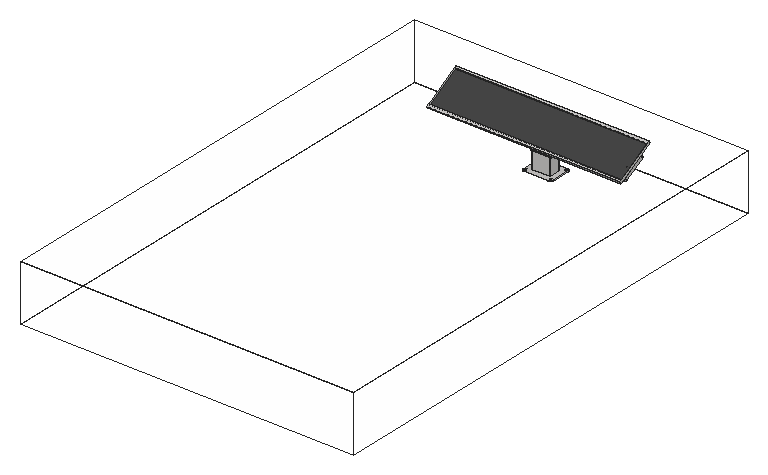
Revit family "Heater-Wall-Electric-Bromic-Smart Heat-Platinum", category Electrical Fixtures, host Face, Revit 2019
Family settings
  Host = Face
  Maintain Annotation Orientation = No
  Round Connector Dimension = Use Diameter
  Part Type = Normal
  OmniClass Number = 23.75.10.14
  OmniClass Title = Independent Electric Heating Units
  Cut with Voids When Loaded = Yes
  Shared = No
  Room Calculation Point = No
Parameters (values of type "2300W Series - Black")
  calcWidth = 7.16535"  # constant formula
  calcSuspendedHeight [instance] = 9.64567"  # constant formula
  calcLength = if(Heater Type Selector = 1, 33.07087", if(Heater Type Selector = 2, 50.19685", 33.07087"))  # 33.07087"
  calcDepth = 2.12598"  # constant formula
  Width_ANZRS = 7"  # constant formula
  WeightNet_ANZRS = if(Heater Type Selector = 1, 16.50 lbm, if(Heater Type Selector = 2, 22.00 lbm, 16.50 lbm))  # 16.50 lbm
  Wattage_ANZRS = if(Heater Type Selector = 1, 2300 VA, if(Heater Type Selector = 2, 3400 VA, 2000 VA))  # 2300 VA
  Voltage_ANZRS [instance] = 230 V
  URL = "https://www.bromic.com/heating/outdoor-heaters/"
  Length_ANZRS = if(Heater Type Selector = 2, 50.2", 33")  # 33"
  Heater Type Selector = 1
  MountingType_ANZRS [instance] = "Wall Mounted - Angle Mount"  # constant formula
  Material_ANZRS = Metal-Steel-Stainless-Bromic
  Screen Material = Ceramic-Tinted-Bromic-Black
  Show Clearance [instance] = yes
  ProductCode_ANZRS = "BH0320003"
  PowerFactor_ANZRS = 1
  ModifiedIssue_ANZRS = 20190220.01  # constant formula
  Model = "Platinum Smart-Heat™ Electric"  # constant formula
  Manufacturer = "Bromic"  # constant formula
  Head Clearance = 6"  # constant formula
  Frequency_ANZRS = 50 Hz
  Floor Clearance = 72"  # constant formula
  End Clearance = 12"  # constant formula
  Description = "The Platinum Smart-Heat™ Electric excels in efficiency, packing profound performance into a sleek package to suit high-end, style-centric settings. Designed specifically with low-clearance, semi-enclosed and aesthetically-focused spaces in mind, this heater minimizes light emission to blend seamlessly into rooflines with the aid of recess kits or stylishly mount to a number of other surfaces."  # constant formula
  Depth_ANZRS = 2"  # constant formula
  Default Elevation = 48"
  CreatedBy_ANZRS = "Design Content"  # constant formula
  CreatedByURL_ANZRS = "https://www.designcontent.com.au/"
  ApproximateHeatArea = if(Heater Type Selector = 1, 65.00 SF, if(Heater Type Selector = 2, 108.00 SF, 65.00 SF))  # 65.00 SF
  ApparentLoad_ANZRS = Wattage_ANZRS  # 2300 VA
  Angle [instance] = 60.00°  # constant formula
Types (5): name | calcLength | WeightNet_ANZRS | Wattage_ANZRS | Length_ANZRS | Heater Type Selector | Screen Material | ProductCode_ANZRS | ApproximateHeatArea | ApparentLoad_ANZRS
  (no name) | 33.07087" | 16.50 lbm | 2300 VA | 33" | 1 | Ceramic-Tinted-Bromic-Black | "BH0320003" | 65.00 SF | 2300 VA
  2300W Series - Black | 33.07087" | 16.50 lbm | 2300 VA | 33" | 1 | Ceramic-Tinted-Bromic-Black | "BH0320003" | 65.00 SF | 2300 VA
  2300W Series - White | 33.07087" | 16.50 lbm | 2300 VA | 33" | 1 | Ceramic-Tinted-Bromic-White | "BH0320007" | 65.00 SF | 2300 VA
  3400W Series - Black | 50.19685" | 22.00 lbm | 3400 VA | 50.2" | 2 | Ceramic-Tinted-Bromic-Black | "BH0320005" | 108.00 SF | 3400 VA
  3400W Series - White | 50.19685" | 22.00 lbm | 3400 VA | 50.2" | 2 | Ceramic-Tinted-Bromic-White | "BH0320008" | 108.00 SF | 3400 VA
Reference planes (in)
  plane 1 "Center (Front/Back)": y = 0
  plane 2: z = 0
  plane 3 "Center (Left/Right)": x = 0
  plane 4: z = 7.44094
  plane 5: z = 9.64567
  plane 6: x = -16.53543
  plane 7: x = -28.53543
  plane 8: x = 16.53543
  plane 9: x = 28.53543
  plane 10: y = 3.58268
  plane 11: y = -3.58268
  plane 12: y = 7.69291
  plane 13: y = -76.80315
  plane 14: z = 0.07874
  plane 15: z = 4.72293
  plane 16: z = 7.51969
  plane 17: x = -17.12598
  plane 18: x = 17.12598
  plane 19: y = -0.5748
  plane 20: z = 6.02362
  plane 21: y = 1.69291
  plane 22: y = -4.80315
Forms (in)
  Extrusion 1, solid, material "Metal-Steel-Stainless-Bromic" <- "Material_ANZRS", detail levels coarse+medium
    sketch origin (0, 0, 0) x (1, 0, 0) y (0, 1, 0)
      loop
        arc (-2.55906, -1.5748) -> (-2.44374, -1.85319) -> (-2.16535, -1.9685) r 0.3937
        line (-2.16535, -1.9685) -> (2.16535, -1.9685)
        arc (2.16535, -1.9685) -> (2.44374, -1.85319) -> (2.55906, -1.5748) r 0.3937
        line (2.55906, -1.5748) -> (2.55906, 1.5748)
        arc (2.55906, 1.5748) -> (2.44374, 1.85319) -> (2.16535, 1.9685) r 0.3937
        line (2.16535, 1.9685) -> (-2.16535, 1.9685)
        arc (-2.16535, 1.9685) -> (-2.44374, 1.85319) -> (-2.55906, 1.5748) r 0.3937
        line (-2.55906, 1.5748) -> (-2.55906, -1.5748)
    from 0 to 0.07874
  Extrusion 2, solid, material "Metal-Steel-Stainless-Bromic" <- "Material_ANZRS", detail levels fine
    sketch origin (0, 0, 0) x (1, 0, 0) y (0, 1, 0)
      loop
        arc (-2.55906, -1.5748) -> (-2.44374, -1.85319) -> (-2.16535, -1.9685) r 0.3937
        line (-2.16535, -1.9685) -> (2.16535, -1.9685)
        arc (2.16535, -1.9685) -> (2.44374, -1.85319) -> (2.55906, -1.5748) r 0.3937
        line (2.55906, -1.5748) -> (2.55906, 1.5748)
        arc (2.55906, 1.5748) -> (2.44374, 1.85319) -> (2.16535, 1.9685) r 0.3937
        line (2.16535, 1.9685) -> (-2.16535, 1.9685)
        arc (-2.16535, 1.9685) -> (-2.44374, 1.85319) -> (-2.55906, 1.5748) r 0.3937
        line (-2.55906, 1.5748) -> (-2.55906, -1.5748)
      loop
        circle (-2.16535, -1.5748) r 0.12795
      loop
        circle (2.16535, -1.5748) r 0.12795
      loop
        circle (2.16535, 1.5748) r 0.12795
      loop
        circle (-2.16535, 1.5748) r 0.12795
    from 0 to 0.07874
  Extrusion 3, solid, material "Metal-Steel-Stainless-Bromic" <- "Material_ANZRS"
    sketch origin (0, 0, -1.20079) x (0, 1, 0) y (0, 0, 1)
      loop
        line (1.06299, 4.15354) -> (1.06299, 6.35617) -> (0.31695, 7.64834) -> (-1.38782, 6.66409) -> (-1.06299, 6.10147) -> (-1.06299, 4.15354) -> (1.06299, 4.15354)
    from -1.69291 to 1.69291
  Extrusion 4, solid, material "Metal-Steel-Stainless-Bromic" <- "Material_ANZRS"
    sketch origin (0, 2.55118, 0) x (1, 0, 0) y (0, 1, 0)
      loop
        line (-1.5748, -1.64567) -> (-1.5748, -3.41732)
        arc (-1.5748, -3.41732) -> (-1.54021, -3.50084) -> (-1.45669, -3.53543) r 0.11811
        line (-1.45669, -3.53543) -> (1.45669, -3.53543)
        arc (1.45669, -3.53543) -> (1.54021, -3.50084) -> (1.5748, -3.41732) r 0.11811
        line (1.5748, -3.41732) -> (1.5748, -1.64567)
        arc (1.5748, -1.64567) -> (1.55174, -1.58999) -> (1.49606, -1.56693) r 0.07874
        line (1.49606, -1.56693) -> (-1.49606, -1.56693)
        arc (-1.49606, -1.56693) -> (-1.55174, -1.58999) -> (-1.5748, -1.64567) r 0.07874
    from 0.07874 to 2.95276
  Extrusion 5, solid, material "Metal-Steel-Stainless-Bromic" <- "Material_ANZRS"
    sketch origin (0, 0, 0) x (0, 1, 0) y (0, 0, 1)
      loop
        line (0.99886, 6.84126) -> (0.95949, 6.90945) -> (-2.1091, 5.1378) -> (-2.06973, 5.0696) -> (0.99886, 6.84126)
    from -2.75591 to 2.75591
Lines and regions (in)
  reference lines
    curve 1: line (0, -0.5748, 6.02362) -> (0, -0.38546, 5.69567)
    curve 2: line (0, -0.5748, 6.02362) -> (0, -0.36863, 6.14266)
Dimensions and locks (in)
  equal spacing: plane 8, plane 3 "Center (Left/Right)", plane 6
  "calcLength": plane 8 to plane 6
  "End Clearance": plane 6 to plane 7
  "End Clearance": plane 9 to plane 8
  equal spacing: plane 11, plane 1 "Center (Front/Back)", plane 10
  "calcWidth": plane 11 to plane 10
  "Head Clearance": plane 21 to plane 12
  "Floor Clearance": plane 13 to plane 22
  locked: plane 2 to plane 14 at 0.07874
  plane 15 to plane 4 to plane 16 to plane 5 = 2.71801" locked, 0.07874" locked, 2.12598"
  "calcSuspendedHeight": plane 2 to plane 5
  locked: plane 17 to plane 6 at 0.59055
  locked: plane 8 to plane 18 at 0.59055
  locked: plane 1 "Center (Front/Back)" to plane 19 at 0.5748
  locked: plane 16 to plane 20 at 1.49606
  Extrusion 3 sketch curve to Extrusion 3 sketch curve to Extrusion 3 sketch curve to Extrusion 3 sketch curve to Extrusion 3 sketch curve to plane 16 = 1.94793" locked, 0.2547" locked, 0.30792" locked, 0.98425" locked, 1.07213" locked
  Extrusion 4 sketch curve to plane 1 "Center (Front/Back)" to Extrusion 4 sketch curve = 0.98425" locked, 0.98425" locked
  Extrusion 2 sketch curve to plane 1 "Center (Front/Back)" to Extrusion 2 sketch curve = 1.9685" locked, 1.9685" locked
  Extrusion 2 sketch curve to plane 3 "Center (Left/Right)" to Extrusion 2 sketch curve = 2.55906" locked, 2.55906" locked
  Extrusion 1 sketch curve to plane 1 "Center (Front/Back)" to Extrusion 1 sketch curve = 1.9685" locked, 1.9685" locked
  Extrusion 1 sketch curve to plane 3 "Center (Left/Right)" to Extrusion 1 sketch curve = 2.55906" locked, 2.55906" locked
  locked: plane 21 to plane 1 "Center (Front/Back)" at 1.69291
  locked: plane 21 to plane 22 at 6.49606
  locked: Extrusion 5 sketch curve to Extrusion 3 at 0.7874  (x2)
  locked: Extrusion 5 sketch curve to Extrusion 5 sketch curve at 0.07874
  "Angle": angle plane 2 to curve 1
  locked: curve 2 to curve 1 (angle 90.00°)
  locked: Extrusion 5 sketch curve to Extrusion 5 sketch curve (angle 90.00°)  (x3)
  aligned and locked: plane 2 to host face
  aligned and locked: level to host face
  aligned and locked: plane 2 to nested 2
  aligned and locked: nested 2 to plane 7
  aligned and locked: plane 9 to nested 2
  aligned and locked: nested 2 to plane 12
  aligned and locked: nested 2 to plane 13
  aligned and locked: Extrusion 2 to plane 14
  aligned and locked: Extrusion 1 to plane 14
  aligned and locked: Extrusion 2 to plane 2
  aligned and locked: Extrusion 1 to plane 2
  aligned and locked: plane 19 to curve 1
  aligned and locked: nested 1 to curve 1
  aligned and locked: nested 1 to plane 3 "Center (Left/Right)"
  aligned and locked: plane 14 to Extrusion 4
  aligned and locked: Extrusion 4 to Extrusion 3
  aligned and locked: plane 20 to curve 2
  aligned and locked: Extrusion 5 sketch curve to Extrusion 3
  aligned and locked: nested 2 to plane 5
Automatic sketch dimensions
  host sketch curve to host sketch curve = 96"  (x2)
  Extrusion 1 sketch curve to Extrusion 1 sketch curve = 0.3937"  (x3)
  Extrusion 1 sketch curve to plane 1 "Center (Front/Back)" = 1.5748"
  plane 3 "Center (Left/Right)" to Extrusion 2 sketch curve = 2.16535"
  Extrusion 4 sketch curve to Extrusion 4 sketch curve = 0.07874"  (x2)
  Extrusion 4 sketch curve to Extrusion 4 sketch curve = 0.11811"  (x2)
  Extrusion 2 sketch curve to Extrusion 2 sketch curve = 0"  (x8)
  Extrusion 2 sketch curve to Extrusion 2 sketch curve = 0.3937"  (x3)
  Extrusion 3 sketch curve to plane 19 = 0.81302"
  Extrusion 3 sketch curve to Extrusion 3 sketch curve = 0.32483"
  Extrusion 4 sketch curve to plane 3 "Center (Left/Right)" = 1.5748"
  plane 3 "Center (Left/Right)" to Extrusion 4 sketch curve = 1.45669"
  radius of Extrusion 2 sketch curve = 0.12795"  (x4)
Nested families (in)
  nested 1: "X-Heater-Electric-Bromic-Smart Heat-Platinum" at (0, -0.5748, 6.02362) x (-1, 0, 0) z (0, -0.5, 0.866), type "X-Heater-Electric-Bromic-Smart Heat-Platinum"
  nested 2: "Clearance Zone" at (0, -34.55512, 0), visible <- "Show Clearance", type "Standard"
    with Width 57.07087", Height 9.64567", Equipment Finish Clearance Zone, Depth 84.49606"
Connectors (in)
  electrical at (0, -0.5748, 6.02362), driven by "Voltage_ANZRS", driven by "ApparentLoad_ANZRS", driven by "PowerFactor_ANZRS"
    settings: on nested 1, index 1, voltage 230 V, apparent load 2300 VA, apparent load phase1 0 VA, apparent load phase2 0 VA, apparent load phase3 0 VA, power factor 1, load classification "Power", number of poles 1, system type 30, power factor state 1, is connector primary yes, connector utility no, sub classification motor no, connector description ""
Definition of nested family "X-Heater-Electric-Bromic-Smart Heat-Platinum"
  Parameters (values of type "X-Heater-Electric-Bromic-Smart Heat-Platinum")
    Width_ANZRS = 7.16535"
    Screen Material = none
    Material_ANZRS = none
    Length_ANZRS = 33.07087"
    Depth_ANZRS = 2.12598"
    Default Elevation = 48"
  Reference planes (in)
    plane 1 "Center (Front/Back)": y = 0
    plane 2: z = 0
    plane 3 "Center (Left/Right)": x = 0
    plane 4: x = -16.53543
    plane 5: x = 16.53543
    plane 6: y = 3.58268
    plane 7: y = -3.58268
    plane 8: z = 2.12598
    plane 9: z = 1.69291
    plane 10: z = 1.9685
  Forms (in)
    Extrusion 1, solid
      sketch origin (0, 0, 0) x (1, 0, 0) y (0, 1, 0)
        loop
          line (-48, 48) -> (-48, -48) -> (48, -48) -> (48, 48) -> (-48, 48)
      from 0 to -12
    Extrusion 2, solid, material <- "Material_ANZRS"
      sketch origin (0, 0, 0) x (1, 0, 0) y (0, 1, 0)
        loop
          arc (-15.55118, 2.16535) -> (-15.69038, 2.1077) -> (-15.74803, 1.9685) r 0.19685
          line (-15.74803, 1.9685) -> (-15.74803, -1.9685)
          arc (-15.74803, -1.9685) -> (-15.69038, -2.1077) -> (-15.55118, -2.16535) r 0.19685
          line (-15.55118, -2.16535) -> (15.55118, -2.16535)
          arc (15.55118, -2.16535) -> (15.69038, -2.1077) -> (15.74803, -1.9685) r 0.19685
          line (15.74803, -1.9685) -> (15.74803, 1.9685)
          arc (15.74803, 1.9685) -> (15.69038, 2.1077) -> (15.55118, 2.16535) r 0.19685
          line (15.55118, 2.16535) -> (-15.55118, 2.16535)
      from 0 to 1.69291
    Extrusion 3, solid, material <- "Material_ANZRS"
      sketch origin (0, 0, 0) x (0, 1, 0) y (0, 0, 1)
        loop
          line (3.58268, 2.12598) -> (3.17913, 2.12598) -> (3.17913, 1.75197) -> (-3.17913, 1.75197) -> (-3.17913, 2.12598) -> (-3.58268, 2.12598) -> (-3.58268, 1.69291) -> (3.58268, 1.69291) -> (3.58268, 2.12598)
      from -16.53543 to 16.53543
    Extrusion 4, solid, material <- "Screen Material"
      sketch origin (0, 0, 0) x (1, 0, 0) y (0, 1, 0)
        loop
          line (-16.41732, 3.17913) -> (-16.41732, -3.17913) -> (16.41732, -3.17913) -> (16.41732, 3.17913) -> (-16.41732, 3.17913)
      from 1.75197 to 1.9685
    Extrusion 5, solid, material <- "Material_ANZRS"
      sketch origin (0, 0, 0) x (1, 0, 0) y (0, 0, 1)
        loop
          line (-16.53543, 2.04724) -> (-16.53543, 1.75197) -> (-16.49606, 1.75197) -> (-16.49606, 2.04724) -> (-16.53543, 2.04724)
        loop
          line (16.53543, 2.04724) -> (16.49606, 2.04724) -> (16.49606, 1.75197) -> (16.53543, 1.75197) -> (16.53543, 2.04724)
      from -3.17913 to 3.17913
  Cuts and joins
    joined: Extrusion 3, Extrusion 5
  Dimensions and locks (in)
    equal spacing: plane 4, plane 3 "Center (Left/Right)", plane 5
    "Length_ANZRS": plane 4 to plane 5
    equal spacing: plane 7, plane 1 "Center (Front/Back)", plane 6
    "Width_ANZRS": plane 7 to plane 6
    "Depth_ANZRS": plane 8 to plane 2
    locked: plane 7 to Extrusion 2 sketch curve at 1.41732
    locked: plane 4 to Extrusion 2 sketch curve at 0.7874
    locked: Extrusion 2 sketch curve to plane 6 at 1.41732
    locked: Extrusion 2 sketch curve to plane 5 at 0.7874
    locked: plane 8 to plane 9 at 0.43307
    locked: Extrusion 3 sketch curve to plane 7 at 0.40354
    locked: plane 6 to Extrusion 3 sketch curve at 0.40354
    locked: Extrusion 3 sketch curve to plane 9 at 0.05906
    locked: plane 4 to Extrusion 4 sketch curve at 0.11811
    locked: Extrusion 4 sketch curve to plane 5 at 0.11811
    locked: plane 8 to plane 10 at 0.15748
    locked: Extrusion 5 sketch curve to plane 10 at 0.07874  (x2)
    locked: Extrusion 5 sketch curve to plane 4 at 0.03937
    locked: plane 5 to Extrusion 5 sketch curve at 0.03937
    aligned and locked: plane 2 to Extrusion 1
    aligned and locked: level to Extrusion 1
    aligned and locked: Extrusion 2 to plane 2
    aligned and locked: plane 9 to Extrusion 2
    aligned and locked: plane 7 to Extrusion 3 sketch curve
    aligned and locked: plane 9 to Extrusion 3 sketch curve
    aligned and locked: plane 8 to Extrusion 3 sketch curve
    aligned and locked: Extrusion 3 sketch curve to plane 8
    aligned and locked: plane 6 to Extrusion 3 sketch curve
    aligned and locked: plane 5 to Extrusion 3
    aligned and locked: Extrusion 3 to plane 4
    aligned and locked: Extrusion 3 to Extrusion 4 sketch curve  (x2)
    aligned and locked: Extrusion 4 to Extrusion 3
    aligned and locked: Extrusion 4 to plane 10
    aligned and locked: Extrusion 3 to Extrusion 5 sketch curve
    aligned and locked: plane 4 to Extrusion 5 sketch curve
    aligned and locked: plane 5 to Extrusion 5 sketch curve
    aligned and locked: Extrusion 5 sketch curve to Extrusion 3
    aligned and locked: Extrusion 5 to Extrusion 3  (x2)
  Automatic sketch dimensions
    Extrusion 1 sketch curve to Extrusion 1 sketch curve = 96"  (x2)
    Extrusion 2 sketch curve to Extrusion 2 sketch curve = 0.19685"  (x4)
Definition of nested family "Clearance Zone"
  Parameters (values of type "Standard")
    Width [instance] = 31.49606"
    URL = ""
    Manufacturer = ""
    Height [instance] = 22.83465"
    Equipment Finish [instance] = none
    Depth [instance] = 55.11811"
    Clearance Offset Top = 0"
    Clearance Offset Right = 0"
    Clearance Offset Left = 0"
    Clearance Offset Front = 0"
    Clearance Offset Bottom = 0"
    Clearance Offset Back = 0"
    Assembly Code = ""
  Reference planes (in)
    plane 1 "Center (Front/Back)": y = 0
    plane 2 "Bottom": z = 0
    plane 3 "Center (Left/Right)": x = 0
    plane 4 "Left": x = -15.74803
    plane 5 "Back": y = 27.55906
    plane 6 "Right": x = 15.74803
    plane 7 "Front": y = -27.55906
    plane 8 "Top": z = 22.83465
    plane 9 "Clearance Offset Right": x = 15.74803
    plane 10 "Clearance Offset Left": x = -15.74803
    plane 11 "Clearance Offset Back": y = 27.55906
    plane 12 "Clearance Offset Front": y = -27.55906
    plane 13 "Clearance Offset Top": z = 22.83465
    plane 14: z = 0
  Forms (in)
    Extrusion 1, solid, material <- "Equipment Finish"
      sketch origin (0, 0, 0) x (1, 0, 0) y (0, 1, 0)
        loop
          line (-15.74803, 27.55906) -> (-15.74803, -27.55906) -> (15.74803, -27.55906) -> (15.74803, 27.55906) -> (-15.74803, 27.55906)
      from 0 to 22.83465
  Lines and regions (in)
    symbolic lines
      curve 1: line (-15.74803, 0, 22.83465) -> (15.74803, 0, 22.83465)
      curve 2: line (-15.74803, 0, 0) -> (-15.74803, 0, 22.83465)
      curve 3: line (15.74803, 0, 0) -> (-15.74803, 0, 0)
      curve 4: line (15.74803, 0, 22.83465) -> (15.74803, 0, 0)
      curve 5: line (0, 27.55906, 22.83465) -> (0, -27.55906, 22.83465)
      curve 6: line (0, 27.55906, 0) -> (0, 27.55906, 22.83465)
      curve 7: line (0, -27.55906, 0) -> (0, 27.55906, 0)
      curve 8: line (0, -27.55906, 22.83465) -> (0, -27.55906, 0)
      curve 9: line (-15.74803, 27.55906, 0) -> (15.74803, 27.55906, 0)
      curve 10: line (-15.74803, -27.55906, 0) -> (-15.74803, 27.55906, 0)
      curve 11: line (15.74803, -27.55906, 0) -> (-15.74803, -27.55906, 0)
      curve 12: line (15.74803, 27.55906, 0) -> (15.74803, -27.55906, 0)
  Text (in)
    text "Copyright © Daikin Industries, Ltd. 2008" at (0.00043, 0.00036, 0), in view "Ref. Level"
  Dimensions and locks (in)
    equal spacing: plane 4 "Left", plane 3 "Center (Left/Right)", plane 6 "Right"
    "Width": plane 4 "Left" to plane 6 "Right"
    equal spacing: plane 5 "Back", plane 1 "Center (Front/Back)", plane 7 "Front"
    "Depth": plane 5 "Back" to plane 7 "Front"
    "Height": plane 8 "Top" to plane 2 "Bottom"
    "Clearance Offset Front": plane 12 "Clearance Offset Front" to plane 7 "Front"
    "Clearance Offset Back": plane 11 "Clearance Offset Back" to plane 5 "Back"
    "Clearance Offset Left": plane 10 "Clearance Offset Left" to plane 4 "Left"
    "Clearance Offset Right": plane 6 "Right" to plane 9 "Clearance Offset Right"
    "Clearance Offset Top": plane 13 "Clearance Offset Top" to plane 8 "Top"
    curve 3 to plane 14 = 0"
    "Clearance Offset Bottom": plane 2 "Bottom" to plane 14
    aligned and locked: plane 2 "Bottom" to level
    aligned and locked: plane 9 "Clearance Offset Right" to Extrusion 1 sketch curve
    aligned and locked: Extrusion 1 sketch curve to plane 11 "Clearance Offset Back"
    aligned and locked: plane 10 "Clearance Offset Left" to Extrusion 1 sketch curve
    aligned and locked: Extrusion 1 sketch curve to plane 12 "Clearance Offset Front"
    aligned and locked: curve 9 to Extrusion 1  (x2)
    aligned and locked: Extrusion 1 to curve 12
    aligned and locked: curve 12 to Extrusion 1
    aligned and locked: plane 13 "Clearance Offset Top" to Extrusion 1
    aligned and locked: Extrusion 1 to plane 14
    aligned and locked: Extrusion 1 to plane 10 "Clearance Offset Left"
    aligned and locked: Extrusion 1 to plane 9 "Clearance Offset Right"  (x2)
    aligned and locked: Extrusion 1 to plane 13 "Clearance Offset Top"  (x2)
    aligned and locked: plane 14 to Extrusion 1  (x2)
    aligned and locked: curve 1 to plane 13 "Clearance Offset Top"
    aligned and locked: plane 9 "Clearance Offset Right" to curve 4
    aligned and locked: plane 10 "Clearance Offset Left" to curve 2
    aligned and locked: plane 14 to curve 3
    aligned and locked: plane 10 "Clearance Offset Left" to Extrusion 1  (x2)
    aligned and locked: curve 8 to plane 12 "Clearance Offset Front"
    aligned and locked: curve 5 to plane 13 "Clearance Offset Top"
    aligned and locked: curve 6 to plane 11 "Clearance Offset Back"
    aligned and locked: plane 14 to curve 7
